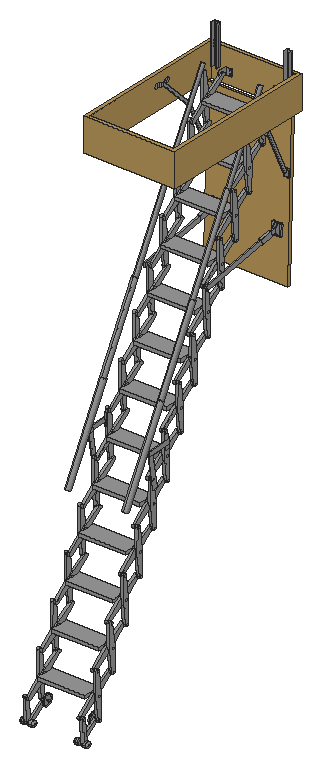
Revit family "schaartrap_Large elec-H 700x1200 mm", category Generic Models, Revit 2019 (continued)
Forms (mm)
  Extrusion 38, solid, material "gietaluminium" <- "schaartrap"
    sketch origin (-183, -691.803, -482.845) x (0, 1, 0) y (0, 0, 1)
      loop
        circle (1879.85, 2739.046) r 5.05
      loop
        circle (1730.144, 2811.072) r 5.05
      loop
        circle (1869.302, 2908.719) r 5.05
      loop
        circle (2008.461, 3006.365) r 5.05
      loop
        circle (1858.755, 3078.391) r 5.25
      loop
        circle (1997.913, 3176.038) r 5.05
      loop
        circle (2137.072, 3273.685) r 5.05
      loop
        circle (1987.366, 3345.71) r 5.05
      loop
        circle (2126.524, 3443.357) r 5.05
      loop
        circle (2265.683, 3541.004) r 5.05
      loop
        circle (2115.977, 3613.03) r 5.05
      loop
        circle (2255.135, 3710.677) r 5.05
      loop
        circle (2244.588, 3880.349) r 5.05
      loop
        circle (2383.746, 3977.996) r 5.05
      loop
        circle (2394.294, 3808.323) r 5.05
    from 406 to 411
  Extrusion 39, solid, material "gietaluminium" <- "schaartrap"
    sketch origin (-190, 1087.327, -29.39) x (0, 1, 0) y (0, 0, 1)
      loop
        arc (-952.335, 115.163) -> (-889.836, 135.606) -> (-930.932, 186.941) r 40
        arc (-930.932, 186.941) -> (-966.5, 158.467) -> (-952.335, 115.163) r 40
      loop
        arc (-949.488, 116.796) -> (-892.75, 136.334) -> (-929.173, 184.023) r 37
        arc (-929.173, 184.023) -> (-963.586, 157.739) -> (-949.488, 116.796) r 37
    from 359 to 370
  Extrusion 40, solid, material "gietaluminium" <- "schaartrap"
    sketch origin (0, 1087.327, -29.39) x (0, 1, 0) y (0, 0, 1)
      loop
        arc (-929.173, 184.023) -> (-963.586, 157.739) -> (-949.488, 116.796) r 37
        arc (-949.488, 116.796) -> (-892.75, 136.334) -> (-929.173, 184.023) r 37
    from 173 to 176.5
  Extrusion 41, solid, material "gietaluminium" <- "schaartrap"
    sketch origin (518, 1087.327, -29.39) x (0, 1, 0) y (0, 0, -1)
      loop
        circle (-928.168, -147.037) r 5
    from 359 to 335
  Extrusion 42, solid, material "gietaluminium" <- "schaartrap"
    sketch origin (0, 1193.91, 1113.18) x (0, 0.992015, 0.126122) y (0, -0.126122, 0.992015)
      loop
        line (811.965, 1490.549) -> (810.511, 1520.514) -> (144.506, 1488.184) -> (145.96, 1458.219) -> (811.965, 1490.549)
      loop
        circle (160.215, 1473.929) r 5.25
      loop
        circle (180.192, 1474.899) r 5.25
      loop
        circle (200.168, 1475.868) r 5.25
    from 223 to 238
  Extrusion 43, solid, material "gietaluminium" <- "schaartrap"
    sketch origin (0, 1368.627, 1185.548) x (0, 0.992015, 0.126122) y (0, -0.126122, 0.992015)
      loop
        line (572.416, 1435.52) -> (570.719, 1470.479) -> (480.825, 1466.115) -> (482.522, 1431.157) -> (572.416, 1435.52)
    from 220 to 241
  Extrusion 44, solid, material "gietaluminium" <- "schaartrap"
    sketch origin (0, 1230.524, 378.156) x (0, 0.990268, 0.139173) y (0, -0.139173, 0.990268)
      loop
        line (909.557, 2267.866) -> (879.657, 2238.071) -> (878.16, 2236.332)
        arc (878.16, 2236.332) -> (875.317, 2228.913) -> (876.662, 2221.083) r 15
        line (876.662, 2221.083) -> (894.568, 2182.859) -> (909.557, 2267.866)
      loop
        circle (890.245, 2227.446) r 4
    from 238 to 246
  Extrusion 45, solid, material "gietaluminium" <- "schaartrap"
    sketch origin (-23, 1242.198, 379.796) x (0, 0.990268, 0.139173) y (0, -0.139173, 0.990268)
      loop
        line (897.768, 2267.866) -> (867.868, 2238.071) -> (866.371, 2236.332)
        arc (866.371, 2236.332) -> (863.528, 2228.913) -> (864.873, 2221.083) r 15
        line (864.873, 2221.083) -> (882.779, 2182.859) -> (897.768, 2267.866)
      loop
        circle (878.456, 2227.446) r 4
    from 238 to 246
  Extrusion 46, solid, material "gietaluminium" <- "schaartrap"
    sketch origin (9.5, 1255.492, 449.812) x (0, -0.988483, -0.15133) y (0, -0.15133, 0.988483)
      loop
        line (-939.22, 2544.24) -> (-830.909, 2908.081) -> (-850.078, 2913.787) -> (-957.279, 2553.676) -> (-939.22, 2544.24)
    from -294 to -290
  Extrusion 47, solid, material "gietaluminium" <- "schaartrap"
    sketch origin (9.5, 1224.06, 447.856) x (0, -0.990268, -0.139173) y (0, -0.139173, 0.990268)
      loop
        line (-940.89, 2553.899) -> (-976.995, 2573.203) -> (-966.577, 2514.114) -> (-939.251, 2544.603)
        arc (-939.251, 2544.603) -> (-937.81, 2549.65) -> (-940.89, 2553.899) r 6
      loop
        circle (-951.597, 2547.218) r 4
    from -298 to -294
  Extrusion 48, solid, material "gietaluminium" <- "schaartrap"
    sketch origin (629, 1089.3, 0) x (0, 1, 0) y (0, 0, -1)
      loop
        circle (-1069.3, -20) r 20
    from 446 to 466
  Sweep 49, solid, material "gietaluminium" <- "schaartrap"
    path origin (163, 1089.3, 0) x (0, 1, 0) y (0, 0, -1)
      loop
        circle (-1069.3, -20) r 20
    profile origin (163, 20, 40) x (0, 0, 1) y (-1, 0, 0)
      loop
        line (-7.976, 0) -> (0, 0)
        arc (0, 0) -> (-2.238, 6.396) -> (-7.976, 10) r 10.257
        line (-7.976, 10) -> (-7.976, 0)
  Extrusion 50, solid, material "gietaluminium" <- "schaartrap"
    sketch origin (-223, 1089.3, 0) x (0, 1, 0) y (0, 0, 1)
      loop
        circle (-1069.3, 20) r 20
    from 446 to 466
  Sweep 51, solid, material "gietaluminium" <- "schaartrap"
    path origin (243, 1089.3, 0) x (0, 1, 0) y (0, 0, 1)
      loop
        circle (-1069.3, 20) r 20
    profile origin (243, 20, 40) x (0, 0, -1) y (1, 0, 0)
      loop
        line (7.976, 0) -> (7.976, 10)
        arc (7.976, 10) -> (2.238, 6.396) -> (0, 0) r 10.257
        line (0, 0) -> (7.976, 0)
  Extrusion 52, solid, material "gietaluminium" <- "schaartrap"
    sketch origin (0, -288.139, -482.845) x (0, 1, 0) y (0, 0, 1)
      loop
        circle (436.75, 770.164) r 21
      loop
        circle (565.361, 1037.483) r 21
      loop
        circle (693.972, 1304.803) r 21
      loop
        circle (822.583, 1572.122) r 21
      loop
        circle (951.194, 1839.441) r 21
      loop
        circle (1079.805, 2106.761) r 21
      loop
        circle (1208.416, 2374.08) r 21
      loop
        circle (1337.027, 2641.399) r 21
      loop
        circle (1465.638, 2908.719) r 21
      loop
        circle (1594.249, 3176.038) r 21
      loop
        circle (1722.86, 3443.357) r 21
      loop
        circle (1851.472, 3710.677) r 21
      loop
        circle (1980.083, 3977.996) r 21
    from 183 to 180
  Extrusion 53, void
    sketch origin (0, 576.676, 140.097) x (0, 1, 0) y (0, 0, 1)
      loop
        circle (1084.472, 3281.819) r 4
    from -342.5 to 318.5
  Extrusion 54, solid, material "gietaluminium" <- "schaartrap"
    sketch origin (-629, 1089.3, 0) x (0, 1, 0) y (0, 0, 1)
      loop
        circle (-1069.3, 20) r 20
    from 446 to 466
  Sweep 55, solid, material "gietaluminium" <- "schaartrap"
    path origin (-163, 1089.3, 0) x (0, 1, 0) y (0, 0, 1)
      loop
        circle (-1069.3, 20) r 20
    profile origin (-163, 20, 40) x (0, 0, -1) y (1, 0, 0)
      loop
        line (7.976, 0) -> (7.976, 10)
        arc (7.976, 10) -> (2.238, 6.396) -> (0, 0) r 10.257
        line (0, 0) -> (7.976, 0)
  Extrusion 56, solid, material "gietaluminium" <- "schaartrap"
    sketch origin (223, 1089.3, 0) x (0, 1, 0) y (0, 0, -1)
      loop
        circle (-1069.3, -20) r 20
    from 446 to 466
  Sweep 57, solid, material "gietaluminium" <- "schaartrap"
    path origin (-243, 1089.3, 0) x (0, 1, 0) y (0, 0, -1)
      loop
        circle (-1069.3, -20) r 20
    profile origin (-243, 20, 40) x (0, 0, 1) y (-1, 0, 0)
      loop
        line (-7.976, 0) -> (0, 0)
        arc (0, 0) -> (-2.238, 6.396) -> (-7.976, 10) r 10.257
        line (-7.976, 10) -> (-7.976, 0)
  Sweep 58, solid, material "hout" <- "deksel"
    path origin (0, 0, 3750) x (0, 1, 0) y (-1, 0, 0)
      loop
        line (1907.102, 342.5) -> (717.102, 342.5) -> (717.102, -342.5) -> (1907.102, -342.5) -> (1907.102, 342.5)
    profile origin (0, 1907.102, 3750) x (0, 1, 0) y (0, 0, 1)
      loop
        line (0, 0) -> (-24, 0) -> (-24, -250) -> (0, -250) -> (0, 0)
  Extrusion 59, solid, material "hout" <- "deksel"
    sketch origin (0, 1239.108, 383.122) x (0, 0.990268, 0.139173) y (0, -0.139173, 0.990268)
      loop
        line (1057.928, 2991.895) -> (1037.448, 2995.506) -> (838.447, 1866.916) -> (858.927, 1863.305) -> (1057.928, 2991.895)
    from -317.5 to 317.5
  Extrusion 60, solid, material "gietaluminium" <- "schaartrap"
    sketch origin (0, 1819.925, 2645.039) x (0, 0.034899, 0.999391) y (-1, 0, 0)
      loop
        arc (108.842, -205) -> (105.913, -197.929) -> (98.842, -195) r 10
        line (98.842, -195) -> (25.004, -195)
        arc (25.004, -195) -> (17.933, -197.929) -> (15.004, -205) r 10
        line (15.004, -205) -> (15.004, -256)
        arc (15.004, -256) -> (17.933, -263.071) -> (25.004, -266) r 10
        line (25.004, -266) -> (98.842, -266)
        arc (98.842, -266) -> (105.913, -263.071) -> (108.842, -256) r 10
        line (108.842, -256) -> (108.842, -205)
    from 0 to 8
  Extrusion 61, solid, material "gietaluminium" <- "schaartrap"
    sketch origin (0, 1819.925, 2645.039) x (0, 0.034899, 0.999391) y (-1, 0, 0)
      loop
        line (108.842, 205) -> (108.842, 256)
        arc (108.842, 256) -> (105.913, 263.071) -> (98.842, 266) r 10
        line (98.842, 266) -> (25.004, 266)
        arc (25.004, 266) -> (17.933, 263.071) -> (15.004, 256) r 10
        line (15.004, 256) -> (15.004, 205)
        arc (15.004, 205) -> (17.933, 197.929) -> (25.004, 195) r 10
        line (25.004, 195) -> (98.842, 195)
        arc (98.842, 195) -> (105.913, 197.929) -> (108.842, 205) r 10
    from 0 to 8
  Extrusion 62, solid, material "gietaluminium" <- "schaartrap"
    sketch origin (-9.5, 1833.707, 3039.721) x (0, 0.034899, 0.999391) y (-1, 0, 0)
      loop
        line (92.201, 263.5) -> (92.201, 298) -> (32.201, 298) -> (32.201, 263.5) -> (92.201, 263.5)
    from 0 to 3.5
  Extrusion 63, solid, material "gietaluminium" <- "schaartrap"
    sketch origin (9.5, 1833.707, 3039.721) x (0, 0.034899, 0.999391) y (-1, 0, 0)
      loop
        line (92.201, -263.5) -> (32.201, -263.5) -> (32.201, -298) -> (92.201, -298) -> (92.201, -263.5)
    from 0 to 3.5
  Extrusion 64, void
    sketch origin (0, 817.39, 440.965) x (0, 1, 0) y (0, 0, 1)
      loop
        circle (1047.17, 3434.035) r 5.25
      loop
        circle (1047.17, 3414.035) r 5.25
      loop
        circle (1047.17, 3394.035) r 5.25
      loop
        circle (1047.17, 3374.035) r 5.25
      loop
        circle (1047.17, 3354.035) r 5.25
      loop
        circle (1047.17, 3334.035) r 5.25
      loop
        circle (1047.17, 3314.035) r 5.25
      loop
        circle (1047.17, 3294.035) r 5.25
      loop
        circle (1047.17, 3274.035) r 5.25
      loop
        circle (1047.17, 3254.035) r 5.25
      loop
        circle (1047.17, 3234.035) r 5.25
      loop
        circle (1047.17, 3214.035) r 5.25
      loop
        circle (1047.17, 3194.035) r 5.25
      loop
        circle (1047.17, 3174.035) r 5.25
      loop
        arc (1040.712, 3159.035) -> (1034.35, 3161.67) -> (1031.715, 3168.033) r 8.998
        line (1031.715, 3168.033) -> (1026.715, 3168.033) -> (1026.715, 3153.033) -> (1040.712, 3153.033) -> (1040.712, 3159.035)
    from -292.5 to -252.5
  Extrusion 65, void
    sketch origin (0, 806.981, 347.797) x (0, 1, 0) y (0, 0, 1)
      loop
        line (1022.741, 3270.001) -> (994.712, 3270.001) -> (994.712, 3220.001) -> (1022.741, 3220.001)
        arc (1022.741, 3220.001) -> (997.741, 3245.001) -> (1022.741, 3270.001) r 25
    from -231.94 to 250
  Extrusion 66, solid, material "gietaluminium" <- "schaartrap"
    sketch origin (-16, 806.981, 497.797) x (-1, 0, 0) y (0, -1, 0)
      loop
        line (-174, -1074.122) -> (-174, -1070.122) -> (-219, -1070.122) -> (-219, -1000.712) -> (-223, -1000.712) -> (-223, -1074.122) -> (-174, -1074.122)
    from 3070.001 to 3120.001
  Extrusion 67, void
    sketch origin (0, 806.981, 497.797) x (-1, 0, 0) y (0, 0, -1)
      loop
        circle (-167.264, -3109) r 5
      loop
        circle (-167.264, -3080.25) r 5
    from -1076.122 to -1062.325
  Extrusion 68, solid, material "gietaluminium" <- "schaartrap"
    sketch origin (-4822.485, -1597.226, 549.999) x (1, 0, 0) y (0, 1, 0)
      loop
        line (4529.985, 3475.327) -> (4529.985, 3448.329) -> (4531.985, 3448.329) -> (4531.985, 3475.327)
        arc (4531.985, 3475.327) -> (4532.278, 3476.035) -> (4532.986, 3476.329) r 1.001
        line (4532.986, 3476.329) -> (4566.985, 3476.329)
        arc (4566.985, 3476.329) -> (4567.692, 3476.036) -> (4567.985, 3475.329) r 1
        line (4567.985, 3475.329) -> (4567.985, 3448.329) -> (4569.985, 3448.329) -> (4569.985, 3475.329)
        arc (4569.985, 3475.329) -> (4569.106, 3477.45) -> (4566.985, 3478.329) r 3
        line (4566.985, 3478.329) -> (4532.986, 3478.329)
        arc (4532.986, 3478.329) -> (4530.864, 3477.45) -> (4529.985, 3475.327) r 3.001
    from 3050.001 to 3350.001
  Extrusion 69, void
    sketch origin (0, 817.39, 440.965) x (0, 1, 0) y (0, 0, -1)
      loop
        circle (1047.17, -3434.035) r 5.25
      loop
        circle (1047.17, -3414.035) r 5.25
      loop
        circle (1047.17, -3394.035) r 5.25
      loop
        circle (1047.17, -3374.035) r 5.25
      loop
        circle (1047.17, -3354.035) r 5.25
      loop
        circle (1047.17, -3334.035) r 5.25
      loop
        circle (1047.17, -3314.035) r 5.25
      loop
        circle (1047.17, -3294.035) r 5.25
      loop
        circle (1047.17, -3274.035) r 5.25
      loop
        circle (1047.17, -3254.035) r 5.25
      loop
        circle (1047.17, -3234.035) r 5.25
      loop
        circle (1047.17, -3214.035) r 5.25
      loop
        circle (1047.17, -3194.035) r 5.25
      loop
        circle (1047.17, -3174.035) r 5.25
      loop
        line (1040.712, -3159.035) -> (1040.712, -3153.033) -> (1026.715, -3153.033) -> (1026.715, -3168.033) -> (1031.715, -3168.033)
        arc (1031.715, -3168.033) -> (1034.35, -3161.67) -> (1040.712, -3159.035) r 8.998
    from -292.5 to -252.5
  Extrusion 70, solid, material "gietaluminium" <- "schaartrap"
    sketch origin (4822.485, -1597.226, 549.999) x (-1, 0, 0) y (0, -1, 0)
      loop
        arc (4529.985, -3475.327) -> (4530.864, -3477.45) -> (4532.986, -3478.329) r 3.001
        line (4532.986, -3478.329) -> (4566.985, -3478.329)
        arc (4566.985, -3478.329) -> (4569.106, -3477.45) -> (4569.985, -3475.329) r 3
        line (4569.985, -3475.329) -> (4569.985, -3448.329) -> (4567.985, -3448.329) -> (4567.985, -3475.329)
        arc (4567.985, -3475.329) -> (4567.692, -3476.036) -> (4566.985, -3476.329) r 1
        line (4566.985, -3476.329) -> (4532.986, -3476.329)
        arc (4532.986, -3476.329) -> (4532.278, -3476.035) -> (4531.985, -3475.327) r 1.001
        line (4531.985, -3475.327) -> (4531.985, -3448.329) -> (4529.985, -3448.329) -> (4529.985, -3475.327)
    from 3050.001 to 3350.001
  Extrusion 71, solid, material "gietaluminium" <- "schaartrap"
    sketch origin (16, 806.981, 497.797) x (1, 0, 0) y (0, 1, 0)
      loop
        line (-174, 1074.122) -> (-223, 1074.122) -> (-223, 1000.712) -> (-219, 1000.712) -> (-219, 1070.122) -> (-174, 1070.122) -> (-174, 1074.122)
    from 3070.001 to 3120.001
  Extrusion 72, void
    sketch origin (0, 806.981, 497.797) x (1, 0, 0) y (0, 0, 1)
      loop
        circle (-167.264, 3109) r 5
      loop
        circle (-167.264, 3080.25) r 5
    from -1076.122 to -1062.325
  Extrusion 73, solid, material "gietaluminium" <- "schaartrap"
    sketch origin (0, -314.88, 522.797) x (1, 0, 0) y (0, 1, 0)
      loop
        line (-318.5, 1781.233) -> (-318.5, 1757.57) -> (-302.5, 1746.367) -> (-302.5, 1717.598) -> (-318.5, 1706.395) -> (-318.5, 1682.733) -> (-315.5, 1682.733) -> (-315.5, 1704.833) -> (-299.5, 1716.037) -> (-299.5, 1747.929) -> (-315.5, 1759.132) -> (-315.5, 1781.233) -> (-318.5, 1781.233)
    from 3135.001 to 3165.001
  Extrusion 74, void
    sketch origin (0, 818.39, 522.797) x (0, 1, 0) y (0, 0, 1)
      loop
        circle (557.712, 3150.001) r 3.25
      loop
        circle (639.712, 3150.001) r 3.25
    from -342.5 to 342.5
  Extrusion 75, solid, material "gietaluminium" <- "schaartrap"
    sketch origin (0, -314.88, 522.797) x (0, 1, 0) y (0, 0, 1)
      loop
        line (1781.233, 3165.001) -> (1781.233, 3135.001)
        arc (1781.233, 3135.001) -> (1796.233, 3150.001) -> (1781.233, 3165.001) r 15
      loop
        arc (1682.733, 3165.001) -> (1667.733, 3150.001) -> (1682.733, 3135.001) r 15
        line (1682.733, 3135.001) -> (1682.733, 3165.001)
    from -318.5 to -315.5
  Extrusion 76, void
    sketch origin (0, 818.39, 522.797) x (0, 1, 0) y (0, 0, 1)
      loop
        circle (598.712, 3150.001) r 3.25
      loop
        circle (827.403, 2944.023) r 4
    from -317.5 to 318.5
  Extrusion 77, solid, material "gietaluminium" <- "schaartrap"
    sketch origin (0, 795.572, 522.797) x (-1, 0, 0) y (0, -1, 0)
      loop
        line (-318.5, -670.781) -> (-315.5, -670.781) -> (-315.5, -648.68) -> (-299.5, -637.477) -> (-299.5, -605.584) -> (-315.5, -594.381) -> (-315.5, -572.281) -> (-318.5, -572.281) -> (-318.5, -595.943) -> (-302.5, -607.146) -> (-302.5, -635.915) -> (-318.5, -647.118) -> (-318.5, -670.781)
    from 3135.001 to 3165.001
  Extrusion 78, solid, material "gietaluminium" <- "schaartrap"
    sketch origin (0, 795.572, 522.797) x (0, -1, 0) y (0, 0, 1)
      loop
        arc (-670.781, 3165.001) -> (-685.781, 3150.001) -> (-670.781, 3135.001) r 15
        line (-670.781, 3135.001) -> (-670.781, 3165.001)
      loop
        line (-572.281, 3165.001) -> (-572.281, 3135.001)
        arc (-572.281, 3135.001) -> (-557.281, 3150.001) -> (-572.281, 3165.001) r 15
    from -318.5 to -315.5
  Extrusion 79, solid, material "gietaluminium" <- "schaartrap"
    sketch origin (9.5, 233.785, 540.954) x (0, -0.983472, 0.181059) y (0, 0.181059, 0.983472)
      loop
        line (-602.244, 3302.667) -> (-891.194, 3097.626)
        arc (-891.194, 3097.626) -> (-889.755, 3086.356) -> (-879.548, 3081.366) r 11.968
        line (-879.548, 3081.366) -> (-590.67, 3286.357)
        arc (-590.67, 3286.357) -> (-588.302, 3300.299) -> (-602.244, 3302.667) r 10
    from -290 to -286
  Extrusion 80, solid, material "gietaluminium" <- "schaartrap"
    sketch origin (-9.5, 233.785, 540.954) x (0, -0.983472, 0.181059) y (0, -0.181059, -0.983472)
      loop
        arc (-602.244, -3302.667) -> (-588.302, -3300.299) -> (-590.67, -3286.357) r 10
        line (-590.67, -3286.357) -> (-879.548, -3081.366)
        arc (-879.548, -3081.366) -> (-889.755, -3086.356) -> (-891.194, -3097.626) r 11.968
        line (-891.194, -3097.626) -> (-602.244, -3302.667)
    from -290 to -286
  Extrusion 81, solid, material "gietaluminium" <- "schaartrap"
    sketch origin (0, 177.212, 175.349) x (0, 0.992825, -0.119574) y (0, 0.119574, 0.992825)
      loop
        line (280.038, 1590.328) -> (244.48, 1604.57) -> (233.326, 1576.721) -> (269.458, 1562.249)
        arc (269.458, 1562.249) -> (279.429, 1574.524) -> (280.038, 1590.328) r 25
    from 218 to 223
  Extrusion 82, solid, material "gietaluminium" <- "schaartrap"
    sketch origin (0, 265.982, 153.274) x (0, 0.998273, -0.058743) y (0, 0.058743, 0.998273)
      loop
        line (435.226, 1611.925) -> (260.054, 1590.65)
        arc (260.054, 1590.65) -> (257.872, 1575.275) -> (263.671, 1560.869) r 30
        line (263.671, 1560.869) -> (438.843, 1582.144)
        arc (438.843, 1582.144) -> (441.025, 1597.519) -> (435.226, 1611.925) r 30
    from 228 to 233
  Extrusion 83, solid, material "gietaluminium" <- "schaartrap"
    sketch origin (0, 265.982, 153.274) x (0, 0.998273, -0.058743) y (0, 0.058743, 0.998273)
      loop
        arc (417.587, 1545.835) -> (432.962, 1543.654) -> (447.368, 1549.452) r 30
        line (447.368, 1549.452) -> (435.678, 1645.707)
        arc (435.678, 1645.707) -> (420.302, 1647.888) -> (405.896, 1642.09) r 30
        line (405.896, 1642.09) -> (417.587, 1545.835)
    from 223 to 228
  Extrusion 84, solid, material "gietaluminium" <- "schaartrap"
    sketch origin (0, 228.017, 162.655) x (0, 0.99654, -0.083115) y (0, 0.083115, 0.99654)
      loop
        line (257, 1578.327) -> (319.569, 1325.967)
        arc (319.569, 1325.967) -> (335.331, 1324.724) -> (348.687, 1333.187) r 25
        line (348.687, 1333.187) -> (286.119, 1585.546)
        arc (286.119, 1585.546) -> (270.356, 1586.789) -> (257, 1578.327) r 25
    from 228 to 223
  Extrusion 85, solid, material "gietaluminium" <- "schaartrap", not visible
    sketch origin (0, 186.902, 668.134) x (0, 0.997796, -0.066361) y (0, 0.066361, 0.997796)
      loop
        line (280.038, 1590.328) -> (244.48, 1604.57) -> (233.326, 1576.721) -> (269.458, 1562.249)
        arc (269.458, 1562.249) -> (279.429, 1574.524) -> (280.038, 1590.328) r 25
    from 218 to 223
  Extrusion 86, solid, material "gietaluminium" <- "schaartrap", not visible
    sketch origin (0, 276.725, 650.833) x (0, 0.999986, -0.005325) y (0, 0.005325, 0.999986)
      loop
        line (435.226, 1611.925) -> (260.054, 1590.65)
        arc (260.054, 1590.65) -> (257.872, 1575.275) -> (263.671, 1560.869) r 30
        line (263.671, 1560.869) -> (438.843, 1582.144)
        arc (438.843, 1582.144) -> (441.025, 1597.519) -> (435.226, 1611.925) r 30
    from 228 to 233
  Extrusion 87, solid, material "gietaluminium" <- "schaartrap", not visible
    sketch origin (0, 276.725, 650.833) x (0, 0.999986, -0.005325) y (0, 0.005325, 0.999986)
      loop
        arc (417.587, 1545.835) -> (432.962, 1543.654) -> (447.368, 1549.452) r 30
        line (447.368, 1549.452) -> (435.678, 1645.707)
        arc (435.678, 1645.707) -> (420.302, 1647.888) -> (405.896, 1642.09) r 30
        line (405.896, 1642.09) -> (417.587, 1545.835)
    from 223 to 228
  Extrusion 88, solid, material "gietaluminium" <- "schaartrap", not visible
    sketch origin (0, 238.314, 658.172) x (0, 0.999557, -0.029756) y (0, 0.029756, 0.999557)
      loop
        line (257, 1578.327) -> (319.569, 1325.967)
        arc (319.569, 1325.967) -> (335.331, 1324.724) -> (348.687, 1333.187) r 25
        line (348.687, 1333.187) -> (286.119, 1585.546)
        arc (286.119, 1585.546) -> (270.356, 1586.789) -> (257, 1578.327) r 25
    from 228 to 223
  Sweep 89, solid, material "gietaluminium" <- "schaartrap"
    path origin (-216.86, -105.751, 58.284) x (0, -0.992825, -0.119574) y (0, -0.119574, 0.992825)
      loop
        line (-672.047, 1279.846) -> (-1075.095, 1843.585)
    profile origin (-216.86, 574.813, 1713.251) x (0, 0.877184, -0.480155) y (-1, 0, 0)
      loop
        circle (0, 0) r 20
  Sweep 90, solid, material "gietaluminium" <- "schaartrap"
    path origin (-216.86, -389.522, 576.7) x (0, -0.992825, -0.119574) y (0, -0.119574, 0.992825)
      loop
        line (-1294.842, 1294.957) -> (-1658.11, 1803.058)
    profile origin (-216.86, 891.14, 2291.141) x (0, 0.877184, -0.480155) y (-1, 0, 0)
      loop
        circle (0, 0) r 17.5
  Sweep 91, solid, material "gietaluminium" <- "schaartrap"
    path origin (-216.86, -632.065, 1019.795) x (0, -0.992825, -0.119574) y (0, -0.119574, 0.992825)
      loop
        line (-1845.93, 1334.14) -> (-2244.592, 1891.745)
    profile origin (-216.86, 1205.656, 2865.725) x (0, 0.877184, -0.480155) y (-1, 0, 0)
      loop
        circle (0, 0) r 15
  Sweep 92, solid, material "gietaluminium" <- "schaartrap"
    path origin (-216.86, -873.617, 1461.082) x (0, -0.992825, -0.119574) y (0, -0.119574, 0.992825)
      loop
        line (-2431.645, 1424.74) -> (-2803.868, 1945.365)
    profile origin (-216.86, 1523.869, 3447.061) x (0, 0.877184, -0.480155) y (-1, 0, 0)
      loop
        circle (0, 0) r 12.5
  Extrusion 93, solid, material "gietaluminium" <- "schaartrap"
    sketch origin (0, -177.212, 175.349) x (0, -0.992825, -0.119574) y (0, -0.119574, 0.992825)
      loop
        arc (-1001.505, 1435.981) -> (-997.161, 1420.774) -> (-984.561, 1411.217) r 25
        line (-984.561, 1411.217) -> (-952.898, 1433.854) -> (-970.346, 1458.259) -> (-1001.505, 1435.981)
    from 218 to 223
  Extrusion 94, solid, material "gietaluminium" <- "schaartrap"
    sketch origin (0, -265.982, 153.274) x (0, -0.998273, -0.058743) y (0, -0.058743, 0.998273)
      loop
        arc (-1152.318, 1518.507) -> (-1156.387, 1503.521) -> (-1152.418, 1488.507) r 30
        line (-1152.418, 1488.507) -> (-975.959, 1487.924)
        arc (-975.959, 1487.924) -> (-971.89, 1502.91) -> (-975.859, 1517.924) r 30
        line (-975.859, 1517.924) -> (-1152.318, 1518.507)
    from 228 to 233
  Extrusion 95, solid, material "gietaluminium" <- "schaartrap"
    sketch origin (0, -265.982, 153.274) x (0, -0.998273, -0.058743) y (0, -0.058743, 0.998273)
      loop
        line (-1127.049, 1454.943) -> (-1126.729, 1551.904)
        arc (-1126.729, 1551.904) -> (-1141.715, 1555.972) -> (-1156.728, 1552.003) r 30
        line (-1156.728, 1552.003) -> (-1157.049, 1455.042)
        arc (-1157.049, 1455.042) -> (-1142.062, 1450.973) -> (-1127.049, 1454.943) r 30
    from 223 to 228
  Extrusion 96, solid, material "gietaluminium" <- "schaartrap"
    sketch origin (0, -228.017, 162.655) x (0, -0.99654, -0.083115) y (0, -0.083115, 0.99654)
      loop
        arc (-969.364, 1476.043) -> (-983.937, 1482.177) -> (-999.276, 1478.339) r 25
        line (-999.276, 1478.339) -> (-1019.175, 1219.102)
        arc (-1019.175, 1219.102) -> (-1004.602, 1212.969) -> (-989.263, 1216.806) r 25
        line (-989.263, 1216.806) -> (-969.364, 1476.043)
    from 228 to 223
  Extrusion 97, void
    sketch origin (0, 818.39, 522.797) x (0, 1, 0) y (0, 0, 1)
      loop
        line (-154.82, 961.109) -> (-151.638, 941.364)
        arc (-151.638, 941.364) -> (-147.052, 938.052) -> (-143.74, 942.637) r 4
        line (-143.74, 942.637) -> (-146.922, 962.382)
        arc (-146.922, 962.382) -> (-151.508, 965.695) -> (-154.82, 961.109) r 4
      loop
        circle (-187.474, 1188.815) r 4
      loop
        circle (-35.1, 1235.859) r 4
      loop
        circle (-30.446, 1161.004) r 4
      loop
        circle (1012.324, 3069.612) r 5.05
    from -318.5 to 318.5
Cuts and joins
  joined: Extrusion 26, Extrusion 27
  Extrusion 64 cuts Extrusion 68
  Extrusion 65, Extrusion 67, Extrusion 72, Extrusion 97 cuts Extrusion 66
  Extrusion 67, Extrusion 72, Extrusion 74, Extrusion 76, Extrusion 97 cuts Sweep 58
  Extrusion 69 cuts Extrusion 70
  Extrusion 65, Extrusion 72, Extrusion 97 cuts Extrusion 71
  Extrusion 74, Extrusion 97 cuts Extrusion 73
  Extrusion 74, Extrusion 97 cuts Extrusion 77
  Extrusion 53, Extrusion 76 cuts Extrusion 79
  Extrusion 53, Extrusion 76 cuts Extrusion 80
  Extrusion 53 cuts Extrusion 30
  Extrusion 53 cuts Extrusion 46
  Extrusion 97 cuts Extrusion 82
  Extrusion 97 cuts Extrusion 83
  Extrusion 97 cuts Extrusion 84
  Extrusion 97 cuts Extrusion 95
  Extrusion 97 cuts Extrusion 94
  Extrusion 97 cuts Extrusion 96
  Extrusion 97 cuts Extrusion 81
  Extrusion 97 cuts Extrusion 93
  Extrusion 97 cuts Extrusion 36
  Extrusion 97 cuts Extrusion 8
Lines and regions (mm)
  symbolic lines, visible <- "bovenliggende treden"
    curve 1: line (0, 613.772, 0) -> (0, 81.45, 0)
  model lines, style "schaartrap stippel"
    curve 2: line (342.5, 717.102, 0) -> (-342.5, 717.102, 0)
    curve 3: line (342.5, 1907.102, 0) -> (342.5, 717.102, 0)
    curve 4: line (-342.5, 1907.102, 0) -> (342.5, 1907.102, 0)
    curve 5: line (-342.5, 717.102, 0) -> (-342.5, 1907.102, 0)
  model lines, style "schaartrap stippel", visible <- "bovenliggende treden"
    curve 6: line (-176.5, 851.761, 0) -> (176.5, 851.761, 0)
    curve 7: line (-176.5, 723.149, 0) -> (176.5, 723.149, 0)
    curve 8: line (-176.5, 613.772, 0) -> (-176.5, 1907.102, 0)
    curve 9: line (176.5, 613.772, 0) -> (176.5, 1907.102, 0)
    curve 10: line (0, 613.772, 0) -> (0, 1862.102, 0)
    curve 11: line (0, 1907.102, 0) -> (25.981, 1862.102, 0)
    curve 12: line (25.981, 1862.102, 0) -> (0, 1862.102, 0)
    curve 13: line (0, 1907.102, 0) -> (-25.981, 1862.102, 0)
    curve 14: line (-25.981, 1862.102, 0) -> (0, 1862.102, 0)
    curve 20: line (-176.5, 980.372, 0) -> (176.5, 980.372, 0)
    curve 21: line (-176.5, 1108.983, 0) -> (176.5, 1108.983, 0)
    curve 22: line (-176.5, 1237.594, 0) -> (176.5, 1237.594, 0)
    curve 23: line (-176.5, 1366.205, 0) -> (176.5, 1366.205, 0)
    curve 24: line (-176.5, 1494.816, 0) -> (176.5, 1494.816, 0)
    curve 25: line (-176.5, 1623.427, 0) -> (176.5, 1623.427, 0)
  model lines
    curve 15: line (0, 79.344, 308.926) -> (0, 1857.691, 4144.452)
    curve 16: line (0, 1907.315, 4251.481) -> (34.056, 1857.691, 4144.452)
    curve 17: line (34.056, 1857.691, 4144.452) -> (0, 1857.691, 4144.452)
    curve 18: line (-34.056, 1857.691, 4144.452) -> (0, 1857.691, 4144.452)
    curve 19: line (0, 1907.315, 4251.481) -> (-34.056, 1857.691, 4144.452)
Dimensions and locks
  equal spacing: plane 4, plane 3 "Center (Left/Right)", plane 5
  locked: plane 4 to plane 5 at 366
  plane 5 to plane 8 to plane 9 = 20 mm locked, 20 mm locked
  plane 7 to plane 6 to plane 4 = 20 mm locked, 20 mm locked
  plane 5 to plane 10 = 6.5 mm
  equal spacing: plane 13, plane 3 "Center (Left/Right)", plane 12
  locked: plane 13 to plane 12 at 685
  plane 4 to plane 14 = 6.5 mm
  locked: plane 12 to plane 15 at 25
  locked: plane 13 to plane 16 at 25
  plane 17 to plane 4 = 4 mm
  plane 13 to plane 12 = 685 mm
  locked: plane 19 "bk. omtimmering" to plane 20 at 250
  locked: plane 20 to level at 3500
  locked: plane 19 "bk. omtimmering" to Sweep 58 sketch curve at 250
  aligned and locked: level to plane 2
  aligned and locked: plane 14 to Extrusion 4
  aligned and locked: plane 10 to Extrusion 4
  aligned and locked: Extrusion 10 to Extrusion 9
  aligned and locked: Extrusion 37 to Extrusion 38
Automatic sketch dimensions
  Extrusion 5 sketch curve to Extrusion 5 sketch curve = 0 mm  (x12)
  Extrusion 5 sketch curve to Extrusion 5 sketch curve = 1.005 mm
  Extrusion 5 sketch curve to Extrusion 5 sketch curve = 1.759 mm
  Extrusion 5 sketch curve to Extrusion 5 sketch curve = 21.32 mm
  Extrusion 5 sketch curve to Extrusion 5 sketch curve = 2.848 mm
  Extrusion 5 sketch curve to Extrusion 5 sketch curve = 30.24 mm
  Extrusion 5 sketch curve to Extrusion 5 sketch curve = 1.633 mm
  Extrusion 6 sketch curve to Extrusion 6 sketch curve = 0 mm  (x2)
  Extrusion 6 sketch curve to Extrusion 6 sketch curve = 1.005 mm
  Extrusion 6 sketch curve to Extrusion 6 sketch curve = 21.32 mm
  Extrusion 6 sketch curve to Extrusion 6 sketch curve = 30.24 mm
  Extrusion 11 sketch curve to Extrusion 11 sketch curve = 0 mm  (x12)
  Extrusion 11 sketch curve to Extrusion 11 sketch curve = 1.005 mm
  Extrusion 11 sketch curve to Extrusion 11 sketch curve = 1.759 mm
  Extrusion 11 sketch curve to Extrusion 11 sketch curve = 21.32 mm
  Extrusion 11 sketch curve to Extrusion 11 sketch curve = 2.848 mm
  Extrusion 11 sketch curve to Extrusion 11 sketch curve = 30.24 mm
  Extrusion 11 sketch curve to Extrusion 11 sketch curve = 1.633 mm
  Extrusion 12 sketch curve to Extrusion 12 sketch curve = 0 mm  (x2)
  Extrusion 12 sketch curve to Extrusion 12 sketch curve = 1.005 mm
  Extrusion 12 sketch curve to Extrusion 12 sketch curve = 21.32 mm
  Extrusion 12 sketch curve to Extrusion 12 sketch curve = 30.24 mm
  Extrusion 13 sketch curve to Extrusion 13 sketch curve = 0 mm  (x2)
  Extrusion 13 sketch curve to Extrusion 13 sketch curve = 5 mm
  Extrusion 26 sketch curve to Extrusion 26 sketch curve = 30 mm  (x2)
  Extrusion 26 sketch curve to Extrusion 26 sketch curve = 666.789 mm
  Extrusion 27 sketch curve to Extrusion 27 sketch curve = 35 mm  (x2)
  Extrusion 27 sketch curve to Extrusion 27 sketch curve = 90 mm
  Extrusion 28 sketch curve to Extrusion 28 sketch curve = 86.318 mm
  Extrusion 28 sketch curve to Extrusion 28 sketch curve = 44.796 mm
  Extrusion 28 sketch curve to Extrusion 28 sketch curve = 15 mm  (x3)
  Extrusion 28 sketch curve to Extrusion 28 sketch curve = 2.295 mm  (x2)
  Extrusion 28 sketch curve to Extrusion 28 sketch curve = 42.21 mm  (x2)
  Extrusion 29 sketch curve to Extrusion 29 sketch curve = 86.318 mm
  Extrusion 29 sketch curve to Extrusion 29 sketch curve = 44.796 mm
  Extrusion 29 sketch curve to Extrusion 29 sketch curve = 15 mm  (x3)
  Extrusion 29 sketch curve to Extrusion 29 sketch curve = 2.295 mm  (x2)
  Extrusion 29 sketch curve to Extrusion 29 sketch curve = 42.21 mm  (x2)
  Extrusion 39 sketch curve to Extrusion 39 sketch curve = 0 mm  (x12)
  Extrusion 39 sketch curve to Extrusion 39 sketch curve = 1.005 mm
  Extrusion 39 sketch curve to Extrusion 39 sketch curve = 1.759 mm
  Extrusion 39 sketch curve to Extrusion 39 sketch curve = 21.32 mm
  Extrusion 39 sketch curve to Extrusion 39 sketch curve = 2.848 mm
  Extrusion 39 sketch curve to Extrusion 39 sketch curve = 30.24 mm
  Extrusion 39 sketch curve to Extrusion 39 sketch curve = 1.633 mm
  Extrusion 40 sketch curve to Extrusion 40 sketch curve = 0 mm  (x2)
  Extrusion 40 sketch curve to Extrusion 40 sketch curve = 1.005 mm
  Extrusion 40 sketch curve to Extrusion 40 sketch curve = 21.32 mm
  Extrusion 40 sketch curve to Extrusion 40 sketch curve = 30.24 mm
  Extrusion 41 sketch curve to Extrusion 41 sketch curve = 0 mm  (x2)
  Extrusion 41 sketch curve to Extrusion 41 sketch curve = 5 mm
  Extrusion 36 sketch curve to Extrusion 36 sketch curve = 0 mm  (x91)
  Extrusion 36 sketch curve to Extrusion 36 sketch curve = 128.611 mm  (x37)
  Extrusion 36 sketch curve to Extrusion 36 sketch curve = 612.226 mm
  Extrusion 36 sketch curve to Extrusion 36 sketch curve = 1.767 mm
  Extrusion 36 sketch curve to Extrusion 36 sketch curve = 9.746 mm
  Extrusion 36 sketch curve to Extrusion 36 sketch curve = 7.816 mm
  Extrusion 36 sketch curve to Extrusion 36 sketch curve = 150.67 mm
  Extrusion 36 sketch curve to Extrusion 36 sketch curve = 7.732 mm
  Extrusion 36 sketch curve to Extrusion 36 sketch curve = 149.706 mm  (x12)
  Extrusion 36 sketch curve to Extrusion 36 sketch curve = 732.141 mm
  Extrusion 36 sketch curve to Extrusion 36 sketch curve = 267.319 mm  (x36)
  Extrusion 36 sketch curve to Extrusion 36 sketch curve = 524.067 mm
  Extrusion 36 sketch curve to Extrusion 36 sketch curve = 12.862 mm
  Extrusion 36 sketch curve to Extrusion 36 sketch curve = 89.743 mm
  Extrusion 36 sketch curve to Extrusion 36 sketch curve = 7.827 mm
  Extrusion 36 sketch curve to Extrusion 36 sketch curve = 157.45 mm
  Extrusion 36 sketch curve to Extrusion 36 sketch curve = 266.643 mm
  Extrusion 36 sketch curve to Extrusion 36 sketch curve = 72.026 mm  (x12)
  Extrusion 36 sketch curve to Extrusion 36 sketch curve = 366.503 mm
  Extrusion 36 sketch curve to Extrusion 36 sketch curve = 7.426 mm  (x13)
  Extrusion 36 sketch curve to Extrusion 36 sketch curve = 9.62 mm
  Extrusion 36 sketch curve to Extrusion 36 sketch curve = 1.355 mm  (x13)
  Extrusion 36 sketch curve to Extrusion 36 sketch curve = 6.133 mm
  Extrusion 36 sketch curve to Extrusion 36 sketch curve = 0.025 mm
  Extrusion 36 sketch curve to Extrusion 36 sketch curve = 3.551 mm  (x12)
  Extrusion 36 sketch curve to Extrusion 36 sketch curve = 0.038 mm
  Extrusion 37 sketch curve to Extrusion 37 sketch curve = 128.611 mm  (x36)
  Extrusion 37 sketch curve to Extrusion 37 sketch curve = 898.257 mm
  Extrusion 37 sketch curve to Extrusion 37 sketch curve = 10.979 mm
  Extrusion 37 sketch curve to Extrusion 37 sketch curve = 10.803 mm
  Extrusion 37 sketch curve to Extrusion 37 sketch curve = 10.935 mm
  Extrusion 37 sketch curve to Extrusion 37 sketch curve = 14.386 mm
  Extrusion 37 sketch curve to Extrusion 37 sketch curve = 117.677 mm
  Extrusion 37 sketch curve to Extrusion 37 sketch curve = 124.517 mm
  Extrusion 37 sketch curve to Extrusion 37 sketch curve = 149.706 mm  (x12)
  Extrusion 37 sketch curve to Extrusion 37 sketch curve = 909.235 mm
  Extrusion 37 sketch curve to Extrusion 37 sketch curve = 4.776 mm
  Extrusion 37 sketch curve to Extrusion 37 sketch curve = 92.827 mm
  Extrusion 37 sketch curve to Extrusion 37 sketch curve = 164.17 mm
  Extrusion 37 sketch curve to Extrusion 37 sketch curve = 0.682 mm
  Extrusion 37 sketch curve to Extrusion 37 sketch curve = 17.167 mm
  Extrusion 37 sketch curve to Extrusion 37 sketch curve = 250.834 mm
  Extrusion 37 sketch curve to Extrusion 37 sketch curve = 267.269 mm  (x37)
  Extrusion 37 sketch curve to Extrusion 37 sketch curve = 72.076 mm  (x12)
  Extrusion 37 sketch curve to Extrusion 37 sketch curve = 15.246 mm
  Extrusion 37 sketch curve to Extrusion 37 sketch curve = 0.099 mm
  Extrusion 37 sketch curve to Extrusion 37 sketch curve = 10.975 mm  (x13)
  Extrusion 37 sketch curve to Extrusion 37 sketch curve = 0 mm  (x39)
  Extrusion 37 sketch curve to Extrusion 37 sketch curve = 0.004 mm
  Extrusion 38 sketch curve to Extrusion 38 sketch curve = 128.611 mm  (x12)
  Extrusion 38 sketch curve to Extrusion 38 sketch curve = 139.159 mm  (x5)
  Extrusion 38 sketch curve to Extrusion 38 sketch curve = 149.706 mm  (x13)
  Extrusion 38 sketch curve to Extrusion 38 sketch curve = 10.547 mm  (x8)
  Extrusion 38 sketch curve to Extrusion 38 sketch curve = 72.026 mm  (x13)
  Extrusion 38 sketch curve to Extrusion 38 sketch curve = 169.672 mm  (x10)
  Extrusion 38 sketch curve to Extrusion 38 sketch curve = 97.647 mm  (x15)
  Extrusion 38 sketch curve to Extrusion 38 sketch curve = 5 mm
  Extrusion 52 sketch curve to Extrusion 52 sketch curve = 128.611 mm  (x12)
  Extrusion 52 sketch curve to Extrusion 52 sketch curve = 267.319 mm  (x12)
  Extrusion 1 sketch curve to Extrusion 1 sketch curve = 0 mm  (x91)
  Extrusion 1 sketch curve to Extrusion 1 sketch curve = 128.611 mm  (x37)
  Extrusion 1 sketch curve to Extrusion 1 sketch curve = 612.226 mm
  Extrusion 1 sketch curve to Extrusion 1 sketch curve = 1.767 mm
  Extrusion 1 sketch curve to Extrusion 1 sketch curve = 9.746 mm
  Extrusion 1 sketch curve to Extrusion 1 sketch curve = 7.816 mm
  Extrusion 1 sketch curve to Extrusion 1 sketch curve = 150.67 mm
  Extrusion 1 sketch curve to Extrusion 1 sketch curve = 7.732 mm
  Extrusion 1 sketch curve to Extrusion 1 sketch curve = 149.706 mm  (x12)
  Extrusion 1 sketch curve to Extrusion 1 sketch curve = 732.141 mm
  Extrusion 1 sketch curve to Extrusion 1 sketch curve = 267.319 mm  (x36)
  Extrusion 1 sketch curve to Extrusion 1 sketch curve = 524.067 mm
  Extrusion 1 sketch curve to Extrusion 1 sketch curve = 12.862 mm
  Extrusion 1 sketch curve to Extrusion 1 sketch curve = 89.743 mm
  Extrusion 1 sketch curve to Extrusion 1 sketch curve = 7.827 mm
  Extrusion 1 sketch curve to Extrusion 1 sketch curve = 157.45 mm
  Extrusion 1 sketch curve to Extrusion 1 sketch curve = 266.643 mm
  Extrusion 1 sketch curve to Extrusion 1 sketch curve = 72.026 mm  (x12)
  Extrusion 1 sketch curve to Extrusion 1 sketch curve = 366.503 mm
  Extrusion 1 sketch curve to Extrusion 1 sketch curve = 7.426 mm  (x13)
  Extrusion 1 sketch curve to Extrusion 1 sketch curve = 9.62 mm
  Extrusion 1 sketch curve to Extrusion 1 sketch curve = 1.355 mm  (x13)
  Extrusion 1 sketch curve to Extrusion 1 sketch curve = 6.133 mm
  Extrusion 1 sketch curve to Extrusion 1 sketch curve = 0.025 mm
  Extrusion 1 sketch curve to Extrusion 1 sketch curve = 3.551 mm  (x12)
  Extrusion 1 sketch curve to Extrusion 1 sketch curve = 0.038 mm
  Extrusion 2 sketch curve to Extrusion 2 sketch curve = 128.611 mm  (x36)
  Extrusion 2 sketch curve to Extrusion 2 sketch curve = 898.257 mm
  Extrusion 2 sketch curve to Extrusion 2 sketch curve = 10.979 mm
  Extrusion 2 sketch curve to Extrusion 2 sketch curve = 10.803 mm
  Extrusion 2 sketch curve to Extrusion 2 sketch curve = 10.935 mm
  Extrusion 2 sketch curve to Extrusion 2 sketch curve = 14.386 mm
  Extrusion 2 sketch curve to Extrusion 2 sketch curve = 117.677 mm
  Extrusion 2 sketch curve to Extrusion 2 sketch curve = 124.517 mm
  Extrusion 2 sketch curve to Extrusion 2 sketch curve = 149.706 mm  (x12)
  Extrusion 2 sketch curve to Extrusion 2 sketch curve = 909.235 mm
  Extrusion 2 sketch curve to Extrusion 2 sketch curve = 4.776 mm
  Extrusion 2 sketch curve to Extrusion 2 sketch curve = 92.827 mm
  Extrusion 2 sketch curve to Extrusion 2 sketch curve = 164.17 mm
  Extrusion 2 sketch curve to Extrusion 2 sketch curve = 0.682 mm
  Extrusion 2 sketch curve to Extrusion 2 sketch curve = 17.167 mm
  Extrusion 2 sketch curve to Extrusion 2 sketch curve = 250.834 mm
  Extrusion 2 sketch curve to Extrusion 2 sketch curve = 267.269 mm  (x37)
  Extrusion 2 sketch curve to Extrusion 2 sketch curve = 72.076 mm  (x12)
  Extrusion 2 sketch curve to Extrusion 2 sketch curve = 15.246 mm
  Extrusion 2 sketch curve to Extrusion 2 sketch curve = 0.099 mm
  Extrusion 2 sketch curve to Extrusion 2 sketch curve = 10.975 mm  (x13)
  Extrusion 2 sketch curve to Extrusion 2 sketch curve = 0 mm  (x39)
  Extrusion 2 sketch curve to Extrusion 2 sketch curve = 0.004 mm
  Extrusion 3 sketch curve to Extrusion 3 sketch curve = 128.611 mm  (x12)
  Extrusion 3 sketch curve to Extrusion 3 sketch curve = 139.159 mm  (x5)
  Extrusion 3 sketch curve to Extrusion 3 sketch curve = 149.706 mm  (x13)
  Extrusion 3 sketch curve to Extrusion 3 sketch curve = 10.547 mm  (x8)
  Extrusion 3 sketch curve to Extrusion 3 sketch curve = 72.026 mm  (x13)
  Extrusion 3 sketch curve to Extrusion 3 sketch curve = 169.672 mm  (x10)
  Extrusion 3 sketch curve to Extrusion 3 sketch curve = 97.647 mm  (x15)
  Extrusion 3 sketch curve to Extrusion 3 sketch curve = 5 mm
  Extrusion 35 sketch curve to Extrusion 35 sketch curve = 128.611 mm  (x12)
  Extrusion 35 sketch curve to Extrusion 35 sketch curve = 267.319 mm  (x12)
  Extrusion 8 sketch curve to Extrusion 8 sketch curve = 0 mm  (x91)
  Extrusion 8 sketch curve to Extrusion 8 sketch curve = 128.611 mm  (x37)
  Extrusion 8 sketch curve to Extrusion 8 sketch curve = 612.226 mm
  Extrusion 8 sketch curve to Extrusion 8 sketch curve = 1.767 mm
  Extrusion 8 sketch curve to Extrusion 8 sketch curve = 9.746 mm
  Extrusion 8 sketch curve to Extrusion 8 sketch curve = 7.816 mm
  Extrusion 8 sketch curve to Extrusion 8 sketch curve = 150.67 mm
  Extrusion 8 sketch curve to Extrusion 8 sketch curve = 7.732 mm
  Extrusion 8 sketch curve to Extrusion 8 sketch curve = 149.706 mm  (x12)
  Extrusion 8 sketch curve to Extrusion 8 sketch curve = 732.141 mm
  Extrusion 8 sketch curve to Extrusion 8 sketch curve = 267.319 mm  (x36)
  Extrusion 8 sketch curve to Extrusion 8 sketch curve = 524.067 mm
  Extrusion 8 sketch curve to Extrusion 8 sketch curve = 12.862 mm
  Extrusion 8 sketch curve to Extrusion 8 sketch curve = 89.743 mm
  Extrusion 8 sketch curve to Extrusion 8 sketch curve = 7.827 mm
  Extrusion 8 sketch curve to Extrusion 8 sketch curve = 157.45 mm
  Extrusion 8 sketch curve to Extrusion 8 sketch curve = 266.643 mm
  Extrusion 8 sketch curve to Extrusion 8 sketch curve = 72.026 mm  (x12)
  Extrusion 8 sketch curve to Extrusion 8 sketch curve = 366.503 mm
  Extrusion 8 sketch curve to Extrusion 8 sketch curve = 7.426 mm  (x13)
  Extrusion 8 sketch curve to Extrusion 8 sketch curve = 9.62 mm
  Extrusion 8 sketch curve to Extrusion 8 sketch curve = 1.355 mm  (x13)
  Extrusion 8 sketch curve to Extrusion 8 sketch curve = 6.133 mm
  Extrusion 8 sketch curve to Extrusion 8 sketch curve = 0.025 mm
  Extrusion 8 sketch curve to Extrusion 8 sketch curve = 3.551 mm  (x12)
  Extrusion 8 sketch curve to Extrusion 8 sketch curve = 0.038 mm
  Extrusion 9 sketch curve to Extrusion 9 sketch curve = 128.611 mm  (x36)
  Extrusion 9 sketch curve to Extrusion 9 sketch curve = 898.257 mm
  Extrusion 9 sketch curve to Extrusion 9 sketch curve = 10.979 mm
  Extrusion 9 sketch curve to Extrusion 9 sketch curve = 10.803 mm
  Extrusion 9 sketch curve to Extrusion 9 sketch curve = 10.935 mm
  Extrusion 9 sketch curve to Extrusion 9 sketch curve = 14.386 mm
  Extrusion 9 sketch curve to Extrusion 9 sketch curve = 117.677 mm
  Extrusion 9 sketch curve to Extrusion 9 sketch curve = 124.517 mm
  Extrusion 9 sketch curve to Extrusion 9 sketch curve = 149.706 mm  (x12)
  Extrusion 9 sketch curve to Extrusion 9 sketch curve = 909.235 mm
  Extrusion 9 sketch curve to Extrusion 9 sketch curve = 4.776 mm
  Extrusion 9 sketch curve to Extrusion 9 sketch curve = 92.827 mm
  Extrusion 9 sketch curve to Extrusion 9 sketch curve = 164.17 mm
  Extrusion 9 sketch curve to Extrusion 9 sketch curve = 0.682 mm
  Extrusion 9 sketch curve to Extrusion 9 sketch curve = 17.167 mm
  Extrusion 9 sketch curve to Extrusion 9 sketch curve = 250.834 mm
  Extrusion 9 sketch curve to Extrusion 9 sketch curve = 267.269 mm  (x37)
  Extrusion 9 sketch curve to Extrusion 9 sketch curve = 72.076 mm  (x12)
  Extrusion 9 sketch curve to Extrusion 9 sketch curve = 15.246 mm
  Extrusion 9 sketch curve to Extrusion 9 sketch curve = 0.099 mm
  Extrusion 9 sketch curve to Extrusion 9 sketch curve = 10.975 mm  (x13)
  Extrusion 9 sketch curve to Extrusion 9 sketch curve = 0 mm  (x39)
  Extrusion 9 sketch curve to Extrusion 9 sketch curve = 0.004 mm
  Extrusion 10 sketch curve to Extrusion 10 sketch curve = 128.611 mm  (x12)
  Extrusion 10 sketch curve to Extrusion 10 sketch curve = 139.159 mm  (x5)
  Extrusion 10 sketch curve to Extrusion 10 sketch curve = 149.706 mm  (x13)
  Extrusion 10 sketch curve to Extrusion 10 sketch curve = 10.547 mm  (x8)
  Extrusion 10 sketch curve to Extrusion 10 sketch curve = 72.026 mm  (x13)
  Extrusion 10 sketch curve to Extrusion 10 sketch curve = 169.672 mm  (x10)
  Extrusion 10 sketch curve to Extrusion 10 sketch curve = 97.647 mm  (x15)
  Extrusion 10 sketch curve to Extrusion 10 sketch curve = 5 mm
  Extrusion 34 sketch curve to Extrusion 34 sketch curve = 128.611 mm  (x12)
  Extrusion 34 sketch curve to Extrusion 34 sketch curve = 267.319 mm  (x12)
  Extrusion 44 sketch curve to Extrusion 44 sketch curve = 0 mm  (x2)
  Extrusion 44 sketch curve to Extrusion 44 sketch curve = 1.498 mm
  Extrusion 44 sketch curve to Extrusion 44 sketch curve = 1.497 mm
  Extrusion 44 sketch curve to Extrusion 44 sketch curve = 10.588 mm
  Extrusion 44 sketch curve to Extrusion 44 sketch curve = 17.907 mm
  Extrusion 44 sketch curve to Extrusion 44 sketch curve = 29.9 mm
  Extrusion 44 sketch curve to Extrusion 44 sketch curve = 38.224 mm
  Extrusion 44 sketch curve to Extrusion 44 sketch curve = 6.363 mm
  Extrusion 44 sketch curve to Extrusion 44 sketch curve = 1.74 mm
  Extrusion 44 sketch curve to Extrusion 44 sketch curve = 29.794 mm
  Extrusion 45 sketch curve to Extrusion 45 sketch curve = 0 mm  (x6)
  Extrusion 45 sketch curve to Extrusion 45 sketch curve = 1.498 mm
  Extrusion 45 sketch curve to Extrusion 45 sketch curve = 1.497 mm
  Extrusion 45 sketch curve to Extrusion 45 sketch curve = 12.085 mm
  Extrusion 45 sketch curve to Extrusion 45 sketch curve = 17.907 mm
  Extrusion 45 sketch curve to Extrusion 45 sketch curve = 29.9 mm
  Extrusion 45 sketch curve to Extrusion 45 sketch curve = 38.224 mm
  Extrusion 45 sketch curve to Extrusion 45 sketch curve = 6.363 mm
  Extrusion 45 sketch curve to Extrusion 45 sketch curve = 1.74 mm
  Extrusion 45 sketch curve to Extrusion 45 sketch curve = 29.794 mm
  Extrusion 45 sketch curve to Extrusion 45 sketch curve = 4 mm
  Extrusion 42 sketch curve to Extrusion 42 sketch curve = 0 mm  (x2)
  Extrusion 42 sketch curve to Extrusion 42 sketch curve = 1.455 mm
  Extrusion 42 sketch curve to Extrusion 42 sketch curve = 14.255 mm
  Extrusion 42 sketch curve to Extrusion 42 sketch curve = 19.976 mm  (x2)
  Extrusion 42 sketch curve to Extrusion 42 sketch curve = 610.343 mm
  Extrusion 42 sketch curve to Extrusion 42 sketch curve = 15.71 mm
  Extrusion 42 sketch curve to Extrusion 42 sketch curve = 0.97 mm  (x2)
  Extrusion 42 sketch curve to Extrusion 42 sketch curve = 14.681 mm
  Extrusion 42 sketch curve to Extrusion 42 sketch curve = 3.483 mm  (x2)
  Extrusion 42 sketch curve to Extrusion 42 sketch curve = 3.929 mm
  Extrusion 43 sketch curve to Extrusion 43 sketch curve = 1.697 mm
  Extrusion 43 sketch curve to Extrusion 43 sketch curve = 89.894 mm
  Extrusion 43 sketch curve to Extrusion 43 sketch curve = 4.364 mm
  Extrusion 47 sketch curve to Extrusion 47 sketch curve = 10.419 mm
  Extrusion 47 sketch curve to Extrusion 47 sketch curve = 14.979 mm
  Extrusion 47 sketch curve to Extrusion 47 sketch curve = 7.878 mm
  Extrusion 47 sketch curve to Extrusion 47 sketch curve = 2.829 mm
  Extrusion 47 sketch curve to Extrusion 47 sketch curve = 4.468 mm
  Extrusion 47 sketch curve to Extrusion 47 sketch curve = 30.489 mm
  Extrusion 47 sketch curve to Extrusion 47 sketch curve = 2.615 mm
  Extrusion 47 sketch curve to Extrusion 47 sketch curve = 4.005 mm
  Extrusion 47 sketch curve to Extrusion 47 sketch curve = 25.984 mm
  Extrusion 46 sketch curve to Extrusion 46 sketch curve = 18.059 mm
  Extrusion 46 sketch curve to Extrusion 46 sketch curve = 107.201 mm
  Extrusion 46 sketch curve to Extrusion 46 sketch curve = 19.169 mm
  Extrusion 46 sketch curve to Extrusion 46 sketch curve = 9.436 mm
  Extrusion 24 sketch curve to Extrusion 24 sketch curve = 0 mm  (x2)
  Extrusion 24 sketch curve to Extrusion 24 sketch curve = 2.763 mm
  Extrusion 24 sketch curve to Extrusion 24 sketch curve = 0.96 mm
  Extrusion 24 sketch curve to Extrusion 24 sketch curve = 13.106 mm
  Extrusion 24 sketch curve to Extrusion 24 sketch curve = 27.749 mm
  Extrusion 24 sketch curve to Extrusion 24 sketch curve = 20.529 mm
  Extrusion 24 sketch curve to Extrusion 24 sketch curve = 31.807 mm
  Extrusion 24 sketch curve to Extrusion 24 sketch curve = 9.861 mm
  Extrusion 24 sketch curve to Extrusion 24 sketch curve = 2.085 mm
  Extrusion 24 sketch curve to Extrusion 24 sketch curve = 36.882 mm
  Extrusion 25 sketch curve to Extrusion 25 sketch curve = 0 mm  (x6)
  Extrusion 25 sketch curve to Extrusion 25 sketch curve = 2.763 mm
  Extrusion 25 sketch curve to Extrusion 25 sketch curve = 0.96 mm
  Extrusion 25 sketch curve to Extrusion 25 sketch curve = 14.066 mm
  Extrusion 25 sketch curve to Extrusion 25 sketch curve = 27.749 mm
  Extrusion 25 sketch curve to Extrusion 25 sketch curve = 20.529 mm
  Extrusion 25 sketch curve to Extrusion 25 sketch curve = 31.807 mm
  Extrusion 25 sketch curve to Extrusion 25 sketch curve = 9.861 mm
  Extrusion 25 sketch curve to Extrusion 25 sketch curve = 2.085 mm
  Extrusion 25 sketch curve to Extrusion 25 sketch curve = 36.882 mm
  Extrusion 25 sketch curve to Extrusion 25 sketch curve = 3.845 mm
  Extrusion 22 sketch curve to Extrusion 22 sketch curve = 0 mm  (x2)
  Extrusion 22 sketch curve to Extrusion 22 sketch curve = 8.906 mm
  Extrusion 22 sketch curve to Extrusion 22 sketch curve = 9.871 mm
  Extrusion 22 sketch curve to Extrusion 22 sketch curve = 19.098 mm  (x2)
  Extrusion 22 sketch curve to Extrusion 22 sketch curve = 579.754 mm
  Extrusion 22 sketch curve to Extrusion 22 sketch curve = 18.777 mm
  Extrusion 22 sketch curve to Extrusion 22 sketch curve = 5.938 mm  (x2)
  Extrusion 22 sketch curve to Extrusion 22 sketch curve = 167.303 mm
  Extrusion 22 sketch curve to Extrusion 22 sketch curve = 4.355 mm  (x2)
  Extrusion 22 sketch curve to Extrusion 22 sketch curve = 2.932 mm
  Extrusion 23 sketch curve to Extrusion 23 sketch curve = 10.391 mm
  Extrusion 23 sketch curve to Extrusion 23 sketch curve = 85.942 mm
  Extrusion 23 sketch curve to Extrusion 23 sketch curve = 26.719 mm
  Extrusion 33 sketch curve to Extrusion 33 sketch curve = 6.272 mm
  Extrusion 33 sketch curve to Extrusion 33 sketch curve = 23.524 mm
  Extrusion 33 sketch curve to Extrusion 33 sketch curve = 7.956 mm
  Extrusion 33 sketch curve to Extrusion 33 sketch curve = 4.178 mm
  Extrusion 33 sketch curve to Extrusion 33 sketch curve = 3.191 mm
  Extrusion 33 sketch curve to Extrusion 33 sketch curve = 21.776 mm
  Extrusion 33 sketch curve to Extrusion 33 sketch curve = 5.917 mm
  Extrusion 33 sketch curve to Extrusion 33 sketch curve = 5.081 mm
  Extrusion 33 sketch curve to Extrusion 33 sketch curve = 31.978 mm
  Extrusion 32 sketch curve to Extrusion 32 sketch curve = 14.409 mm
  Extrusion 32 sketch curve to Extrusion 32 sketch curve = 210.027 mm
  Extrusion 32 sketch curve to Extrusion 32 sketch curve = 16.584 mm
  Extrusion 32 sketch curve to Extrusion 32 sketch curve = 14.406 mm
  Extrusion 28 sketch curve to Extrusion 28 sketch curve = 0 mm  (x2)
  Extrusion 28 sketch curve to Extrusion 28 sketch curve = 2.763 mm
  Extrusion 28 sketch curve to Extrusion 28 sketch curve = 0.96 mm
  Extrusion 28 sketch curve to Extrusion 28 sketch curve = 13.106 mm
  Extrusion 28 sketch curve to Extrusion 28 sketch curve = 27.749 mm
  Extrusion 28 sketch curve to Extrusion 28 sketch curve = 20.529 mm
  Extrusion 28 sketch curve to Extrusion 28 sketch curve = 31.807 mm
  Extrusion 28 sketch curve to Extrusion 28 sketch curve = 9.861 mm
  Extrusion 28 sketch curve to Extrusion 28 sketch curve = 2.085 mm
  Extrusion 28 sketch curve to Extrusion 28 sketch curve = 36.882 mm
  Extrusion 29 sketch curve to Extrusion 29 sketch curve = 0 mm  (x6)
  Extrusion 29 sketch curve to Extrusion 29 sketch curve = 2.763 mm
  Extrusion 29 sketch curve to Extrusion 29 sketch curve = 0.96 mm
  Extrusion 29 sketch curve to Extrusion 29 sketch curve = 14.066 mm
  Extrusion 29 sketch curve to Extrusion 29 sketch curve = 27.749 mm
  Extrusion 29 sketch curve to Extrusion 29 sketch curve = 20.529 mm
  Extrusion 29 sketch curve to Extrusion 29 sketch curve = 31.807 mm
  Extrusion 29 sketch curve to Extrusion 29 sketch curve = 9.861 mm
  Extrusion 29 sketch curve to Extrusion 29 sketch curve = 2.085 mm
  Extrusion 29 sketch curve to Extrusion 29 sketch curve = 36.882 mm
  Extrusion 29 sketch curve to Extrusion 29 sketch curve = 3.845 mm
  Extrusion 26 sketch curve to Extrusion 26 sketch curve = 0 mm  (x2)
  Extrusion 26 sketch curve to Extrusion 26 sketch curve = 8.906 mm
  Extrusion 26 sketch curve to Extrusion 26 sketch curve = 9.871 mm
  Extrusion 26 sketch curve to Extrusion 26 sketch curve = 19.098 mm  (x2)
  Extrusion 26 sketch curve to Extrusion 26 sketch curve = 579.754 mm
  Extrusion 26 sketch curve to Extrusion 26 sketch curve = 18.777 mm
  Extrusion 26 sketch curve to Extrusion 26 sketch curve = 5.938 mm  (x2)
  Extrusion 26 sketch curve to Extrusion 26 sketch curve = 167.303 mm
  Extrusion 26 sketch curve to Extrusion 26 sketch curve = 4.355 mm  (x2)
  Extrusion 26 sketch curve to Extrusion 26 sketch curve = 2.932 mm
  Extrusion 27 sketch curve to Extrusion 27 sketch curve = 10.391 mm
  Extrusion 27 sketch curve to Extrusion 27 sketch curve = 85.942 mm
  Extrusion 27 sketch curve to Extrusion 27 sketch curve = 26.719 mm
  Extrusion 31 sketch curve to Extrusion 31 sketch curve = 6.272 mm
  Extrusion 31 sketch curve to Extrusion 31 sketch curve = 23.524 mm
  Extrusion 31 sketch curve to Extrusion 31 sketch curve = 7.956 mm
  Extrusion 31 sketch curve to Extrusion 31 sketch curve = 4.178 mm
  Extrusion 31 sketch curve to Extrusion 31 sketch curve = 3.191 mm
  Extrusion 31 sketch curve to Extrusion 31 sketch curve = 21.776 mm
  Extrusion 31 sketch curve to Extrusion 31 sketch curve = 5.917 mm
  Extrusion 31 sketch curve to Extrusion 31 sketch curve = 5.081 mm
  Extrusion 31 sketch curve to Extrusion 31 sketch curve = 31.978 mm
  Extrusion 30 sketch curve to Extrusion 30 sketch curve = 14.409 mm
  Extrusion 30 sketch curve to Extrusion 30 sketch curve = 210.027 mm
  Extrusion 30 sketch curve to Extrusion 30 sketch curve = 16.584 mm
  Extrusion 30 sketch curve to Extrusion 30 sketch curve = 14.406 mm
  Extrusion 4 sketch curve to plane 20 = 11.917 mm
  plane 20 to Extrusion 4 sketch curve = 12.128 mm
  Extrusion 4 sketch curve to Extrusion 4 sketch curve = 137.024 mm  (x10)
  Extrusion 4 sketch curve to Extrusion 4 sketch curve = 128.611 mm  (x4)
  Extrusion 4 sketch curve to plane 1 "Center (Front/Back)" = 217.118 mm
  Extrusion 4 sketch curve to plane 1 "Center (Front/Back)" = 80.094 mm
  Extrusion 4 sketch curve to Extrusion 4 sketch curve = 24.045 mm  (x12)
  Extrusion 4 sketch curve to Extrusion 4 sketch curve = 243.274 mm  (x12)
  Extrusion 48 sketch curve to plane 1 "Center (Front/Back)" = 20 mm
  level to Extrusion 48 sketch curve = 20 mm
  Sweep 49 sketch curve to Sweep 49 sketch curve = 0 mm  (x2)
  Sweep 49 sketch curve to plane 1 "Center (Front/Back)" = 0 mm
  Sweep 49 sketch curve to Sweep 49 sketch curve = 20 mm
  level to Sweep 49 sketch curve = 20 mm
  profile plane to Sweep 49 sketch curve = 0 mm
  Sweep 49 sketch curve to profile plane = 0 mm
  profile plane to Sweep 49 sketch curve = 7.976 mm
  Sweep 49 sketch curve to Sweep 49 sketch curve = 2.281 mm
  Extrusion 50 sketch curve to plane 1 "Center (Front/Back)" = 20 mm
  level to Extrusion 50 sketch curve = 20 mm
  Sweep 51 sketch curve to Sweep 51 sketch curve = 0 mm  (x2)
  Sweep 51 sketch curve to plane 1 "Center (Front/Back)" = 0 mm
